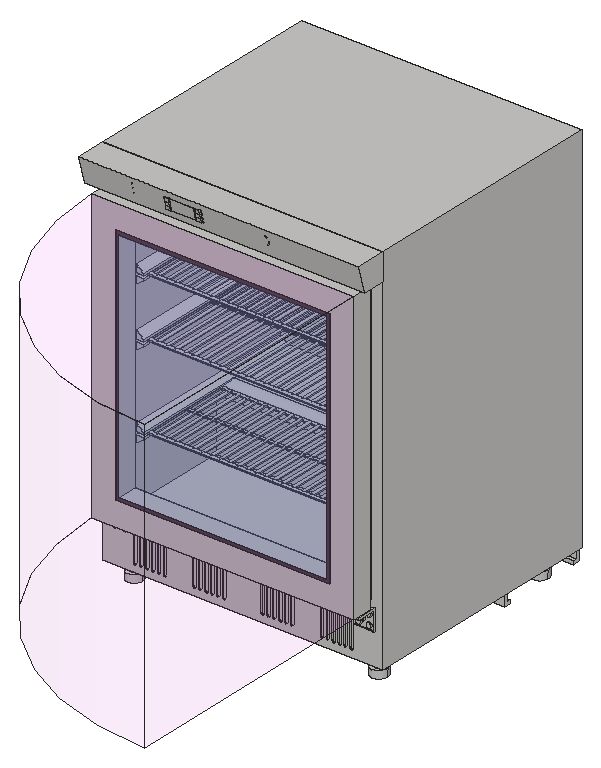
Revit family "QF_Kelvinator_738325_KCHUCGD23R_1-Glass_Door_ADA_Height_Under_Counter_Refrigerator_24_Long", category Specialty Equipment, Revit 2021
Family settings
  Round Connector Dimension = Use Diameter
  Part Type = Normal
  Work Plane-Based = No
  Always vertical = Yes
  Cut with Voids When Loaded = No
  Shared = No
  Room Calculation Point = No
Parameters
  Weight in Pounds = 105.822
  Watts = 200 W
  Volts = 120 V
  URL Cutsheet = ""
  Specification by User = ""
  Specification by Manufacturer = ""
  Serial Number = ""
  Seismic Rating = ""
  SMACNA No = ""
  Revision Code = ""
  Refrigerant Type = "R600a"
  Phase = 1
  Number of Poles = 1
  NAFEM Spec ID Number = ""
  Model = "738325 (KCHUCGD23R)"
  Min Ckt Ampacity = 0 A
  Max Overcurrent Protection = 0 A
  Masterspec = ""
  Manufacturer = "Kelvinator Commercial"
  Length = 23.622"
  Item Number = "738325"
  Installed By = ""
  Identify Quantity as Lot = yes
  Height = 33.03125"
  HP = "1/12"
  Furnished By = ""
  Foodservice Equipment Identifier = yes
  FL Amps = 2 A
  Electrical Remarks = ""
  Electric Connection Type = ""
  Elec Conn RI Height = 0.000"
  Elec Conn Connection Height = 0.000"
  Description = "1-Glass Door ADA Height Under Counter Refrigerator 24\" Long"
  Depth = 23.425"
  Default Elevation = 0.000"
  Cycle = 60 Hz
  Conn Plug = "5-15P"
  Conn Conduit = yes
  CSI MasterFormat = ""
  Apparent Power = 0 VA
Reference planes (in)
  plane 1 "BACK": y = 0
  plane 2: z = 0
  plane 3 "LEFT": x = 0
  plane 4 "RIGHT": x = 23.622
  plane 5 "FRONT": y = -23.425
  plane 6 "TOP": z = 33.03125
  plane 7 "Center Y": x = 11.811
  plane 8 "Center X": y = -11.7125
Dimensions and locks (in)
  equal spacing: plane 3 "LEFT", plane 7 "Center Y", plane 4 "RIGHT"
  "Length": plane 3 "LEFT" to plane 4 "RIGHT"
  equal spacing: plane 5 "FRONT", plane 8 "Center X", plane 1 "BACK"
  "Depth": plane 5 "FRONT" to plane 1 "BACK"
  "Height": plane 6 "TOP" to level
  aligned and locked: level to plane 2
Nested families (in)
  nested 1: "KCHRI25R1DRE" at (0, 0, 0), type "KCHRI25R1DRE"
    with Show Clearance yes
Connectors (in)
  electrical at (11.8125, 0.13, 2.5), driven by "Volts", driven by "Watts"
    settings: on nested 1, index 1, voltage 120 V, apparent load 200 VA, apparent load phase1 0 VA, apparent load phase2 0 VA, apparent load phase3 0 VA, power factor 1, load classification "Other", number of poles 1, system type 30, power factor state 1, is connector primary yes, connector utility no, sub classification motor no, connector description ""
Definition of nested family "KCHRI25R1DRE"
  Parameters (values of type "KCHRI25R1DRE")
    Weight in Pounds = 0
    URL Cutsheet = ""
    Specification by User = ""
    Specification by Manufacturer = ""
    Show Clearance [instance] = yes
    Serial Number = ""
    Seismic Rating = ""
    SMACNA No = ""
    Revision Code = ""
    NAFEM Spec ID Number = ""
    Masterspec = ""
    Length = 23.622"
    Item Number = ""
    Installed By = ""
    Identify Quantity as Lot = yes
    Height = 33.03125"
    Furnished By = ""
    Foodservice Equipment Identifier = yes
    Depth = 23.425"
    Default Elevation = 0.000"
    CSI MasterFormat = ""
  Reference planes (in)
    plane 1 "BACK": y = 0
    plane 2: z = 0
    plane 3 "LEFT": x = 0
    plane 4 "RIGHT": x = 23.622
    plane 5 "FRONT": y = -23.425
    plane 6 "TOP": z = 33.03125
    plane 7 "Center Y": x = 11.811
    plane 8 "Center X": y = -11.7125
    plane 9: y = -45.07
    plane 10: z = 30.79125
    plane 11: z = 2
    plane 12: y = -20.9
    plane 13: through (0, -24.0379, 35.3373) normal (0, 0.9659, 0.2588)
  Forms (in)
    Extrusion 1, solid
      sketch origin (0, 0, 0) x (0, 1, 0) y (0, 0, 1)
        loop
          line (-20.9, 33.03125) -> (-20.9, 1.5) -> (0, 1.5) -> (0, 33.03125) -> (-20.9, 33.03125)
      from 0 to 23.625
    Extrusion 2, solid
      sketch origin (0, -24.06217, 35.42785) x (0, -0.258819, 0.965926) y (1, 0, 0)
        loop
          line (-3.01321, 6.99599) -> (-3.01321, 10.1456) -> (-4.19431, 10.1456) -> (-4.19431, 6.99599) -> (-3.01321, 6.99599)
        loop
          line (-3.08986, 7.07473) -> (-3.08986, 7.46843) -> (-3.409, 7.46843) -> (-3.409, 7.07473) -> (-3.08986, 7.07473)
        loop
          line (-3.44419, 7.07473) -> (-3.44419, 7.46843) -> (-3.76333, 7.46843) -> (-3.76333, 7.07473) -> (-3.44419, 7.07473)
        loop
          line (-3.79852, 7.07473) -> (-3.79852, 7.46843) -> (-4.11766, 7.46843) -> (-4.11766, 7.07473) -> (-3.79852, 7.07473)
        loop
          line (-3.08986, 10.06686) -> (-3.409, 10.06686) -> (-3.409, 9.67316) -> (-3.08986, 9.67316) -> (-3.08986, 10.06686)
        loop
          line (-3.44419, 10.06686) -> (-3.76333, 10.06686) -> (-3.76333, 9.67316) -> (-3.44419, 9.67316) -> (-3.44419, 10.06686)
        loop
          line (-3.79852, 10.06686) -> (-4.11766, 10.06686) -> (-4.11766, 9.67316) -> (-3.79852, 9.67316) -> (-3.79852, 10.06686)
        loop
          line (-3.08986, 7.54592) -> (-3.08986, 9.59567) -> (-4.11377, 9.59567) -> (-4.11377, 7.54592) -> (-3.08986, 7.54592)
      from 0.07874 to -0.04602
    Extrusion 3, solid
      sketch origin (0, -24.06217, 35.42785) x (0, -0.258819, 0.965926) y (1, 0, 0)
        loop
          line (-3.08986, 9.67316) -> (-3.08986, 10.06686) -> (-3.409, 10.06686) -> (-3.409, 9.67316) -> (-3.08986, 9.67316)
        loop
          line (-3.44419, 9.67316) -> (-3.44419, 10.06686) -> (-3.76333, 10.06686) -> (-3.76333, 9.67316) -> (-3.44419, 9.67316)
        loop
          line (-3.79852, 9.67316) -> (-3.79852, 10.06686) -> (-4.11766, 10.06686) -> (-4.11766, 9.67316) -> (-3.79852, 9.67316)
        loop
          line (-3.08986, 7.46843) -> (-3.409, 7.46843) -> (-3.409, 7.07473) -> (-3.08986, 7.07473) -> (-3.08986, 7.46843)
        loop
          line (-3.44419, 7.46843) -> (-3.76333, 7.46843) -> (-3.76333, 7.07473) -> (-3.44419, 7.07473) -> (-3.44419, 7.46843)
        loop
          line (-3.79852, 7.46843) -> (-4.11766, 7.46843) -> (-4.11766, 7.07473) -> (-3.79852, 7.07473) -> (-3.79852, 7.46843)
      from 0 to -0.07874
    Extrusion 4, solid
      sketch origin (0, -24.06217, 35.42785) x (0, -0.258819, 0.965926) y (1, 0, 0)
        loop
          line (-3.08986, 7.54592) -> (-3.08986, 9.59567) -> (-4.11377, 9.59567) -> (-4.11377, 7.54592) -> (-3.08986, 7.54592)
      from 0 to -0.07874
    Extrusion 5, void
      sketch origin (0, -24.06217, 35.42785) x (0, 0.258819, -0.965926) y (1, 0, 0)
        loop
          line (3.01321, 6.99599) -> (4.19431, 6.99599) -> (4.19431, 10.1456) -> (3.01321, 10.1456) -> (3.01321, 6.99599)
      from 0 to 0.07874
    Extrusion 6, solid
      sketch origin (0, 0, -4.4425) x (0, 1, 0) y (0, 0, 1)
        loop
          line (-20.9, 37.47375) -> (-23.425, 37.47375) -> (-22.82479, 35.23375) -> (-20.9, 35.23375) -> (-20.9, 37.47375)
      from 0 to 23.625
    Extrusion 7, solid
      sketch origin (0, -24.06217, 35.42785) x (0, -0.258819, 0.965926) y (1, 0, 0)
        loop
          line (-2.96796, 3.80686) -> (-2.96796, 4.30686) -> (-4.21796, 4.30686) -> (-4.21796, 3.80686) -> (-2.96796, 3.80686)
        loop
          circle (-3.51997, 15.27975) r 0.5
      from 0 to 0.06
    Extrusion 8, void
      sketch origin (0, -20.9, 1.75) x (0, 0, -1) y (-1, 0, 0)
        loop
          line (-0.5, -2.59375) -> (-3.3125, -2.59375)
          arc (-3.3125, -2.59375) -> (-3.4751, -2.75635) -> (-3.3125, -2.91894) r 0.1626
          line (-3.3125, -2.91894) -> (-0.5, -2.91894)
          arc (-0.5, -2.91894) -> (-0.3374, -2.75635) -> (-0.5, -2.59375) r 0.1626
        loop
          line (-0.5, -3.09225) -> (-3.3125, -3.09225)
          arc (-3.3125, -3.09225) -> (-3.47585, -3.2556) -> (-3.3125, -3.41894) r 0.16335
          line (-3.3125, -3.41894) -> (-0.5, -3.41894)
          arc (-0.5, -3.41894) -> (-0.33665, -3.2556) -> (-0.5, -3.09225) r 0.16335
        loop
          line (-0.5, -3.59225) -> (-3.3125, -3.59225)
          arc (-3.3125, -3.59225) -> (-3.47585, -3.7556) -> (-3.3125, -3.91894) r 0.16335
          line (-3.3125, -3.91894) -> (-0.5, -3.91894)
          arc (-0.5, -3.91894) -> (-0.33665, -3.7556) -> (-0.5, -3.59225) r 0.16335
        loop
          line (-0.5, -4.09225) -> (-3.3125, -4.09225)
          arc (-3.3125, -4.09225) -> (-3.47585, -4.2556) -> (-3.3125, -4.41894) r 0.16335
          line (-3.3125, -4.41894) -> (-0.5, -4.41894)
          arc (-0.5, -4.41894) -> (-0.33665, -4.2556) -> (-0.5, -4.09225) r 0.16335
        loop
          line (-0.5, -4.59225) -> (-3.3125, -4.59225)
          arc (-3.3125, -4.59225) -> (-3.47585, -4.7556) -> (-3.3125, -4.91894) r 0.16335
          line (-3.3125, -4.91894) -> (-0.5, -4.91894)
          arc (-0.5, -4.91894) -> (-0.33665, -4.7556) -> (-0.5, -4.59225) r 0.16335
        loop
          line (-0.5, -5.09225) -> (-3.3125, -5.09225)
          arc (-3.3125, -5.09225) -> (-3.47585, -5.2556) -> (-3.3125, -5.41894) r 0.16335
          line (-3.3125, -5.41894) -> (-0.5, -5.41894)
          arc (-0.5, -5.41894) -> (-0.33665, -5.2556) -> (-0.5, -5.09225) r 0.16335
        loop
          line (-0.5, -7.59225) -> (-3.3125, -7.59225)
          arc (-3.3125, -7.59225) -> (-3.47585, -7.7556) -> (-3.3125, -7.91894) r 0.16335
          line (-3.3125, -7.91894) -> (-0.5, -7.91894)
          arc (-0.5, -7.91894) -> (-0.33665, -7.7556) -> (-0.5, -7.59225) r 0.16335
        loop
          line (-0.5, -8.09225) -> (-3.3125, -8.09225)
          arc (-3.3125, -8.09225) -> (-3.47585, -8.2556) -> (-3.3125, -8.41894) r 0.16335
          line (-3.3125, -8.41894) -> (-0.5, -8.41894)
          arc (-0.5, -8.41894) -> (-0.33665, -8.2556) -> (-0.5, -8.09225) r 0.16335
        loop
          line (-0.5, -8.59225) -> (-3.3125, -8.59225)
          arc (-3.3125, -8.59225) -> (-3.47585, -8.7556) -> (-3.3125, -8.91894) r 0.16335
          line (-3.3125, -8.91894) -> (-0.5, -8.91894)
          arc (-0.5, -8.91894) -> (-0.33665, -8.7556) -> (-0.5, -8.59225) r 0.16335
        loop
          line (-0.5, -9.09225) -> (-3.3125, -9.09225)
          arc (-3.3125, -9.09225) -> (-3.47585, -9.2556) -> (-3.3125, -9.41894) r 0.16335
          line (-3.3125, -9.41894) -> (-0.5, -9.41894)
          arc (-0.5, -9.41894) -> (-0.33665, -9.2556) -> (-0.5, -9.09225) r 0.16335
        loop
          line (-0.5, -9.59225) -> (-3.3125, -9.59225)
          arc (-3.3125, -9.59225) -> (-3.47585, -9.7556) -> (-3.3125, -9.91894) r 0.16335
          line (-3.3125, -9.91894) -> (-0.5, -9.91894)
          arc (-0.5, -9.91894) -> (-0.33665, -9.7556) -> (-0.5, -9.59225) r 0.16335
        loop
          line (-0.5, -10.09225) -> (-3.3125, -10.09225)
          arc (-3.3125, -10.09225) -> (-3.47585, -10.2556) -> (-3.3125, -10.41894) r 0.16335
          line (-3.3125, -10.41894) -> (-0.5, -10.41894)
          arc (-0.5, -10.41894) -> (-0.33665, -10.2556) -> (-0.5, -10.09225) r 0.16335
        loop
          arc (-0.5, -21.15475) -> (-0.33665, -20.9914) -> (-0.5, -20.82806) r 0.16335
          line (-0.5, -20.82806) -> (-3.3125, -20.82806)
          arc (-3.3125, -20.82806) -> (-3.47585, -20.9914) -> (-3.3125, -21.15475) r 0.16335
          line (-3.3125, -21.15475) -> (-0.5, -21.15475)
        loop
          arc (-0.5, -20.65475) -> (-0.33665, -20.4914) -> (-0.5, -20.32806) r 0.16335
          line (-0.5, -20.32806) -> (-3.3125, -20.32806)
          arc (-3.3125, -20.32806) -> (-3.47585, -20.4914) -> (-3.3125, -20.65475) r 0.16335
          line (-3.3125, -20.65475) -> (-0.5, -20.65475)
        loop
          arc (-0.5, -20.15475) -> (-0.33665, -19.9914) -> (-0.5, -19.82806) r 0.16335
          line (-0.5, -19.82806) -> (-3.3125, -19.82806)
          arc (-3.3125, -19.82806) -> (-3.47585, -19.9914) -> (-3.3125, -20.15475) r 0.16335
          line (-3.3125, -20.15475) -> (-0.5, -20.15475)
        loop
          arc (-0.5, -19.65475) -> (-0.33665, -19.4914) -> (-0.5, -19.32806) r 0.16335
          line (-0.5, -19.32806) -> (-3.3125, -19.32806)
          arc (-3.3125, -19.32806) -> (-3.47585, -19.4914) -> (-3.3125, -19.65475) r 0.16335
          line (-3.3125, -19.65475) -> (-0.5, -19.65475)
        loop
          arc (-0.5, -19.15475) -> (-0.33665, -18.9914) -> (-0.5, -18.82806) r 0.16335
          line (-0.5, -18.82806) -> (-3.3125, -18.82806)
          arc (-3.3125, -18.82806) -> (-3.47585, -18.9914) -> (-3.3125, -19.15475) r 0.16335
          line (-3.3125, -19.15475) -> (-0.5, -19.15475)
        loop
          arc (-0.5, -18.65475) -> (-0.33665, -18.4914) -> (-0.5, -18.32806) r 0.16335
          line (-0.5, -18.32806) -> (-3.3125, -18.32806)
          arc (-3.3125, -18.32806) -> (-3.47585, -18.4914) -> (-3.3125, -18.65475) r 0.16335
          line (-3.3125, -18.65475) -> (-0.5, -18.65475)
        loop
          arc (-0.5, -16.15475) -> (-0.33665, -15.9914) -> (-0.5, -15.82806) r 0.16335
          line (-0.5, -15.82806) -> (-3.3125, -15.82806)
          arc (-3.3125, -15.82806) -> (-3.47585, -15.9914) -> (-3.3125, -16.15475) r 0.16335
          line (-3.3125, -16.15475) -> (-0.5, -16.15475)
        loop
          arc (-0.5, -15.65475) -> (-0.33665, -15.4914) -> (-0.5, -15.32806) r 0.16335
          line (-0.5, -15.32806) -> (-3.3125, -15.32806)
          arc (-3.3125, -15.32806) -> (-3.47585, -15.4914) -> (-3.3125, -15.65475) r 0.16335
          line (-3.3125, -15.65475) -> (-0.5, -15.65475)
        loop
          arc (-0.5, -15.15475) -> (-0.33665, -14.9914) -> (-0.5, -14.82806) r 0.16335
          line (-0.5, -14.82806) -> (-3.3125, -14.82806)
          arc (-3.3125, -14.82806) -> (-3.47585, -14.9914) -> (-3.3125, -15.15475) r 0.16335
          line (-3.3125, -15.15475) -> (-0.5, -15.15475)
        loop
          arc (-0.5, -14.65475) -> (-0.33665, -14.4914) -> (-0.5, -14.32806) r 0.16335
          line (-0.5, -14.32806) -> (-3.3125, -14.32806)
          arc (-3.3125, -14.32806) -> (-3.47585, -14.4914) -> (-3.3125, -14.65475) r 0.16335
          line (-3.3125, -14.65475) -> (-0.5, -14.65475)
        loop
          arc (-0.5, -14.15475) -> (-0.33665, -13.9914) -> (-0.5, -13.82806) r 0.16335
          line (-0.5, -13.82806) -> (-3.3125, -13.82806)
          arc (-3.3125, -13.82806) -> (-3.47585, -13.9914) -> (-3.3125, -14.15475) r 0.16335
          line (-3.3125, -14.15475) -> (-0.5, -14.15475)
        loop
          arc (-0.5, -13.65475) -> (-0.33665, -13.4914) -> (-0.5, -13.32806) r 0.16335
          line (-0.5, -13.32806) -> (-3.3125, -13.32806)
          arc (-3.3125, -13.32806) -> (-3.47585, -13.4914) -> (-3.3125, -13.65475) r 0.16335
          line (-3.3125, -13.65475) -> (-0.5, -13.65475)
      from 0 to 0.03
    Extrusion 9, solid
      sketch origin (0, 0, 0) x (0, 1, 0) y (0, 0, 1)
        loop
          line (-0.25, 1.5) -> (-0.55, 1.5) -> (-0.55, 0.9) -> (-0.85, 0.9) -> (-0.85, 0.6) -> (-0.25, 0.6) -> (-0.25, 1.5)
        loop
          line (-8.14417, 1.5) -> (-8.14417, 0.6) -> (-7.54417, 0.6) -> (-7.54417, 0.9) -> (-7.84417, 0.9) -> (-7.84417, 1.5) -> (-8.14417, 1.5)
      from 0 to 23.622
    Extrusion 10, solid
      sketch origin (11.811, 6.90541, 48.75) x (0, 1, 0) y (0, 0, 1)
        loop
          line (-28.19541, -18.96875) -> (-28.19541, -42.37723) -> (-27.80541, -42.37723) -> (-27.80541, -18.96875) -> (-28.19541, -18.96875)
      from -10.75 to 10.75
    Extrusion 11, solid
      sketch origin (23.225, -180, 5.74631) x (0, 0, 1) y (0, -1, 0)
        loop
          arc (0.13369, -157.44253) -> (0.06869, -157.37753) -> (0.00369, -157.44253) r 0.065
          line (0.00369, -157.44253) -> (0.00369, -158.97) -> (-1.53049, -158.97)
          arc (-1.53049, -158.97) -> (-1.59549, -159.035) -> (-1.53049, -159.1) r 0.065
          line (-1.53049, -159.1) -> (0.13369, -159.1) -> (0.13369, -157.44253)
      from -0.28875 to -1.93696
    Extrusion 12, solid
      sketch origin (23.225, -21.03, 5.88) x (0, 0, -1) y (1, 0, 0)
        loop
          circle (0.48805, -0.65854) r 0.19641
        loop
          circle (0.48805, -1.51195) r 0.2
        loop
          circle (1.33739, -0.65854) r 0.2
        loop
          circle (1.33739, -1.51195) r 0.2
        loop
          line (1.13, -1.16094) -> (1.13, -1.06477) -> (0.13, -1.06477) -> (0.13, -1.16094) -> (1.13, -1.16094)
      from 0 to 0.0825
    Extrusion 13, solid
      sketch origin (0, -20.9, 2.25) x (0, 0, 1) y (-1, 0, 0)
        loop
          circle (3.14195, -1.05854) r 0.19641
        loop
          circle (3.14195, -1.91195) r 0.2
        loop
          circle (2.29261, -1.05854) r 0.2
        loop
          circle (2.29261, -1.91195) r 0.2
      from 0 to 0.0825
    Revolve 14, solid
      sketch origin (0, -19.42, 1.5) x (0, 0, 1) y (1, 0, 0)
        loop
          line (0, 22.122) -> (0, 22.4345) -> (-0.9, 22.4345) -> (-0.9, 22.8095) -> (-1.5, 22.8095) -> (-1.5, 22.122) -> (0, 22.122)
        axis (-1.5, 22.122) -> (0, 22.122)
      angle from 0 to 360
    Revolve 15, solid
      sketch origin (23.625, -19.42, 1.5) x (0, 0, 1) y (1, 0, 0)
        loop
          line (0, -22.125) -> (-1.5, -22.125) -> (-1.5, -22.8125) -> (-0.9, -22.8125) -> (-0.9, -22.4375) -> (0, -22.4375) -> (0, -22.125)
        axis (-1.5, -22.125) -> (0, -22.125)
      angle from 0 to 360
    Revolve 16, solid
      sketch origin (0, -2.5, 1.5) x (0, 0, 1) y (-1, 0, 0)
        loop
          line (0, -22.122) -> (-1.5, -22.122) -> (-1.5, -22.8095) -> (-0.9, -22.8095) -> (-0.9, -22.4345) -> (0, -22.4345) -> (0, -22.122)
        axis (-1.5, -22.122) -> (0, -22.122)
      angle from 0 to 360
    Revolve 17, solid
      sketch origin (23.625, -2.5, 1.5) x (0, 0, 1) y (-1, 0, 0)
        loop
          line (0, 22.125) -> (0, 22.4375) -> (-0.9, 22.4375) -> (-0.9, 22.8125) -> (-1.5, 22.8125) -> (-1.5, 22.125) -> (0, 22.125)
        axis (-1.5, 22.125) -> (0, 22.125)
      angle from 0 to 360
    Extrusion 18, void
      sketch origin (11.8125, -14.38459, 53.88) x (0, 1, 0) y (0, 0, 1)
        loop
          line (-6.90541, -23.08875) -> (-6.90541, -47.71375) -> (2.67209, -47.71375) -> (2.67209, -43.12311)
          arc (2.67209, -43.12311) -> (2.96499, -42.416) -> (3.67209, -42.12311) r 1
          line (3.67209, -42.12311) -> (9.42209, -42.12311) -> (9.42209, -23.08875) -> (-6.90541, -23.08875)
      from -9.66 to 9.66
    Extrusion 19, solid
      sketch origin (2.1525, -14.38459, 53.88) x (0, 1, 0) y (0, 0, 1)
        loop
          line (-6.51541, -23.08875) -> (-6.51541, -24.33875) -> (-6.26541, -24.33875) -> (-6.26541, -23.08875) -> (-6.51541, -23.08875)
        loop
          line (-6.51541, -47.71375) -> (-6.26541, -47.71375) -> (-6.26541, -46.46375) -> (-6.51541, -46.46375) -> (-6.51541, -47.71375)
      from 0 to 19.32
    Extrusion 20, solid
      sketch origin (11.8125, -4.9625, 30.79125) x (0, 0, -1) y (1, 0, 0)
        loop
          line (7.41428, -8.95343) -> (7.41428, -9.66) -> (8.02056, -9.66) -> (7.54397, -8.95343) -> (7.41428, -8.95343)
        loop
          line (7.1582, -8.95343) -> (7.02851, -8.95343) -> (6.55192, -9.66) -> (7.1582, -9.66) -> (7.1582, -8.95343)
        loop
          line (12.41428, -8.95343) -> (12.41428, -9.66) -> (13.02056, -9.66) -> (12.54397, -8.95343) -> (12.41428, -8.95343)
        loop
          line (12.1582, -8.95343) -> (12.02851, -8.95343) -> (11.55192, -9.66) -> (12.1582, -9.66) -> (12.1582, -8.95343)
        loop
          line (19.41428, -8.95343) -> (19.41428, -9.66) -> (20.02056, -9.66) -> (19.54397, -8.95343) -> (19.41428, -8.95343)
        loop
          line (19.1582, -8.95343) -> (19.02851, -8.95343) -> (18.55192, -9.66) -> (19.1582, -9.66) -> (19.1582, -8.95343)
        loop
          line (7.41428, 8.95343) -> (7.54397, 8.95343) -> (8.02056, 9.66) -> (7.41428, 9.66) -> (7.41428, 8.95343)
        loop
          line (7.1582, 8.95343) -> (7.1582, 9.66) -> (6.55192, 9.66) -> (7.02851, 8.95343) -> (7.1582, 8.95343)
        loop
          line (12.41428, 8.95343) -> (12.54397, 8.95343) -> (13.02056, 9.66) -> (12.41428, 9.66) -> (12.41428, 8.95343)
        loop
          line (12.1582, 8.95343) -> (12.1582, 9.66) -> (11.55192, 9.66) -> (12.02851, 8.95343) -> (12.1582, 8.95343)
        loop
          line (19.41428, 8.95343) -> (19.54397, 8.95343) -> (20.02056, 9.66) -> (19.41428, 9.66) -> (19.41428, 8.95343)
        loop
          line (19.1582, 8.95343) -> (19.1582, 9.66) -> (18.55192, 9.66) -> (19.02851, 8.95343) -> (19.1582, 8.95343)
      from 0 to 15.20871
    Extrusion 21, solid
      sketch origin (0, 0, 33.03125) x (0, 0, -1) y (-1, 0, 0)
        loop
          circle (30.53125, -11.8125) r 0.25
      from 0 to 0.13
  Cuts and joins
    Extrusion 5 cuts Extrusion 2
    Extrusion 8 cuts Extrusion 6
    Extrusion 8, Extrusion 18 cuts Extrusion 1
    joined: Extrusion 1, Extrusion 19, Extrusion 20
    Extrusion 18 cuts Extrusion 10
  Lines and regions (in)
    symbolic lines
      curve 1: line (0, -23.425, 0) -> (0, 0, 0)
      curve 2: line (23.622, 0, 0) -> (0, 0, 0)
      curve 3: line (23.622, -23.425, 0) -> (23.622, 0, 0)
      curve 4: line (23.622, -20.9, 0) -> (0, -20.9, 0)
      curve 5: line (0, -23.425, 0) -> (23.622, -23.425, 0)
      curve 6: line (3.80686, -23.485, 0) -> (4.30686, -23.485, 0)
      curve 7: line (4.30686, -23.485, 0) -> (4.30686, -23.425, 0)
      curve 8: line (3.80686, -23.485, 0) -> (3.80686, -23.425, 0)
      curve 9: line (6.65374, -23.47102, 0) -> (9.80185, -23.47102, 0)
      curve 10: line (9.80185, -23.47102, 0) -> (9.80185, -23.425, 0)
      curve 11: line (6.65374, -23.47102, 0) -> (6.65374, -23.425, 0)
      curve 12: line (11.311, -23.485, 0) -> (12.311, -23.485, 0)
      curve 13: line (12.311, -23.485, 0) -> (12.311, -23.425, 0)
      curve 14: line (11.311, -23.485, 0) -> (11.311, -23.425, 0)
  Dimensions and locks (in)
    equal spacing: plane 3 "LEFT", plane 7 "Center Y", plane 4 "RIGHT"
    "Length": plane 3 "LEFT" to plane 4 "RIGHT"
    equal spacing: plane 5 "FRONT", plane 8 "Center X", plane 1 "BACK"
    "Depth": plane 5 "FRONT" to plane 1 "BACK"
    "Height": plane 6 "TOP" to level
    plane 9 to plane 1 "BACK" = 45.070"
    plane 6 "TOP" to level = 33.03125"
    plane 3 "LEFT" to plane 4 "RIGHT" = 23.622"
    plane 5 "FRONT" to plane 1 "BACK" = 23.425"
    plane 12 to plane 1 "BACK" = 20.900"
    aligned and locked: level to plane 2
    aligned and locked: Extrusion 9 to plane 4 "RIGHT"
    aligned and locked: plane 13 to cut or joined group of Extrusion 6, Extrusion 8
  Automatic sketch dimensions
    Extrusion 1 sketch curve to plane 12 = 0.000"
    Extrusion 1 sketch curve to plane 1 "BACK" = 0.000"
    Extrusion 1 sketch curve to plane 6 "TOP" = 0.000"
    level to Extrusion 1 sketch curve = 1.500"
    Extrusion 2 sketch curve to plane 7 "Center Y" = 4.81501"
    Extrusion 2 sketch curve to Extrusion 2 sketch curve = 0.07665"  (x3)
    Extrusion 2 sketch curve to Extrusion 2 sketch curve = 0.00389"
    Extrusion 2 sketch curve to Extrusion 2 sketch curve = 0.31914"  (x6)
    Extrusion 2 sketch curve to Extrusion 2 sketch curve = 0.03519"  (x4)
    Extrusion 2 sketch curve to Extrusion 2 sketch curve = 0.000"  (x7)
    Extrusion 2 sketch curve to Extrusion 2 sketch curve = 0.07874"  (x3)
    Extrusion 2 sketch curve to Extrusion 2 sketch curve = 0.3937"  (x2)
    Extrusion 2 sketch curve to Extrusion 2 sketch curve = 0.07748"  (x3)
    Extrusion 2 sketch curve to Extrusion 2 sketch curve = 2.04976"
    Extrusion 3 sketch curve to plane 7 "Center Y" = 4.73627"
    Extrusion 3 sketch curve to Extrusion 3 sketch curve = 0.000"  (x9)
    Extrusion 3 sketch curve to Extrusion 3 sketch curve = 0.31914"  (x6)
    Extrusion 3 sketch curve to Extrusion 3 sketch curve = 0.03519"  (x4)
    Extrusion 3 sketch curve to Extrusion 3 sketch curve = 0.3937"  (x2)
    Extrusion 3 sketch curve to plane 7 "Center Y" = 2.13784"
    Extrusion 4 sketch curve to plane 7 "Center Y" = 4.26508"
    Extrusion 4 sketch curve to Extrusion 4 sketch curve = 1.02391"
    Extrusion 4 sketch curve to Extrusion 4 sketch curve = 2.04976"
    Extrusion 5 sketch curve to plane 7 "Center Y" = 1.6654"
    Extrusion 5 sketch curve to Extrusion 5 sketch curve = 1.1811"
    Extrusion 5 sketch curve to Extrusion 5 sketch curve = 3.14961"
    plane 3 "LEFT" to Extrusion 7 sketch curve = 4.30686"
    plane 7 "Center Y" to Extrusion 7 sketch curve = 3.46875"
    Extrusion 7 sketch curve to Extrusion 7 sketch curve = 0.69799"
    Extrusion 7 sketch curve to Extrusion 7 sketch curve = 1.250"
    Extrusion 7 sketch curve to Extrusion 7 sketch curve = 0.500"
    plane 3 "LEFT" to Extrusion 8 sketch curve = 2.59375"
    level to Extrusion 8 sketch curve = 5.0625"  (x2)
    plane 7 "Center Y" to Extrusion 8 sketch curve = 1.6804"
    Extrusion 8 sketch curve to Extrusion 8 sketch curve = 0.000"  (x42)
    Extrusion 8 sketch curve to Extrusion 8 sketch curve = 2.8125"  (x4)
    Extrusion 8 sketch curve to Extrusion 8 sketch curve = 0.16335"  (x23)
    Extrusion 8 sketch curve to Extrusion 8 sketch curve = 0.17331"  (x20)
    Extrusion 8 sketch curve to Extrusion 8 sketch curve = 2.17331"  (x2)
    Extrusion 8 sketch curve to plane 7 "Center Y" = 1.39206"
    level to Extrusion 9 sketch curve = 1.500"  (x2)
    plane 8 "Center X" to Extrusion 9 sketch curve = 3.56833"
    Extrusion 9 sketch curve to Extrusion 9 sketch curve = 0.300"  (x5)
    plane 1 "BACK" to Extrusion 9 sketch curve = 0.850"
    plane 1 "BACK" to Extrusion 9 sketch curve = 0.250"
    Extrusion 9 sketch curve to Extrusion 9 sketch curve = 0.600"  (x2)
    Extrusion 10 sketch curve to plane 12 = 0.000"
    Extrusion 10 sketch curve to Extrusion 10 sketch curve = 0.390"
    level to Extrusion 10 sketch curve = 6.37277"
    Extrusion 10 sketch curve to plane 6 "TOP" = 3.250"
    Extrusion 11 sketch curve to plane 12 = 0.000"
    Extrusion 11 sketch curve to plane 12 = 0.130"
    level to Extrusion 11 sketch curve = 4.21581"
    Extrusion 11 sketch curve to Extrusion 11 sketch curve = 1.53419"
    Extrusion 11 sketch curve to Extrusion 11 sketch curve = 0.065"
    Extrusion 11 sketch curve to plane 5 "FRONT" = 0.86753"
    Extrusion 12 sketch curve to Extrusion 11 = 0.000"
    Extrusion 11 to Extrusion 12 sketch curve = 0.35805"  (x2)
    Extrusion 12 sketch curve to Extrusion 11 = 0.53419"
    Extrusion 12 sketch curve to Extrusion 11 = 0.3268"  (x2)
    Extrusion 11 to Extrusion 12 sketch curve = 0.42502"  (x2)
    Extrusion 12 sketch curve to Extrusion 12 sketch curve = 0.351"
    Extrusion 12 sketch curve to Extrusion 12 sketch curve = 0.09617"
    Extrusion 11 to Extrusion 12 sketch curve = 0.36979"  (x2)
    Extrusion 1 to Extrusion 13 sketch curve = 1.05854"
    Extrusion 13 sketch curve to Extrusion 1 = 3.04261"
    Extrusion 13 sketch curve to Extrusion 13 sketch curve = 0.000"  (x3)
    Extrusion 13 sketch curve to Extrusion 13 sketch curve = 0.84934"  (x2)
    Extrusion 13 sketch curve to Extrusion 13 sketch curve = 0.8534"
    Revolve 14 sketch curve to level = 0.000"  (x2)
    level to Revolve 14 sketch curve = 0.600"
    Revolve 14 sketch curve to Revolve 14 sketch curve = 0.900"
    plane 4 "RIGHT" to Revolve 14 sketch curve = 1.500"
    Revolve 14 sketch curve to Revolve 14 sketch curve = 0.3125"
    Revolve 14 sketch curve to Revolve 14 sketch curve = 0.6875"
    Revolve 14 sketch curve to Revolve 14 sketch curve = 0.36907"
    Revolve 14 sketch curve to Revolve 14 sketch curve = 0.000"
    Revolve 15 sketch curve to level = 0.000"  (x2)
    level to Revolve 15 sketch curve = 0.600"
    Revolve 15 sketch curve to Revolve 15 sketch curve = 0.900"
    plane 3 "LEFT" to Revolve 15 sketch curve = 0.8125"
    Revolve 15 sketch curve to Revolve 15 sketch curve = 0.375"
    Revolve 15 sketch curve to Revolve 15 sketch curve = 0.3125"
    Revolve 15 sketch curve to Revolve 15 sketch curve = 0.36907"
    Revolve 15 sketch curve to Revolve 15 sketch curve = 0.000"
    Revolve 16 sketch curve to level = 0.000"  (x2)
    level to Revolve 16 sketch curve = 0.600"
    Revolve 16 sketch curve to Revolve 16 sketch curve = 0.900"
    plane 4 "RIGHT" to Revolve 16 sketch curve = 0.8125"
    Revolve 16 sketch curve to Revolve 16 sketch curve = 0.375"
    Revolve 16 sketch curve to Revolve 16 sketch curve = 0.3125"
    Revolve 16 sketch curve to Revolve 16 sketch curve = 0.36907"
    Revolve 16 sketch curve to Revolve 16 sketch curve = 0.000"
    Revolve 17 sketch curve to level = 0.000"  (x2)
    level to Revolve 17 sketch curve = 0.600"
    Revolve 17 sketch curve to Revolve 17 sketch curve = 0.900"
    plane 3 "LEFT" to Revolve 17 sketch curve = 1.500"
    Revolve 17 sketch curve to Revolve 17 sketch curve = 0.3125"
    Revolve 17 sketch curve to Revolve 17 sketch curve = 0.6875"
    Revolve 17 sketch curve to Revolve 17 sketch curve = 0.36907"
    Revolve 17 sketch curve to Revolve 17 sketch curve = 0.000"
    plane 1 "BACK" to curve 1 = 0.000"
    curve 1 to plane 3 "LEFT" = 0.000"
    plane 5 "FRONT" to curve 8 = 0.000"
    curve 3 to plane 4 "RIGHT" = 0.000"
    curve 4 to plane 12 = 0.000"
    plane 5 "FRONT" to curve 6 = 0.060"
    plane 3 "LEFT" to curve 6 = 3.80686"
    curve 6 to curve 7 = 0.500"
    plane 5 "FRONT" to curve 9 = 0.04602"
    curve 6 to curve 9 = 2.34688"
    curve 10 to plane 7 "Center Y" = 2.00915"
    plane 5 "FRONT" to curve 14 = 0.060"
    curve 14 to plane 7 "Center Y" = 0.500"
    plane 7 "Center Y" to curve 13 = 0.500"
    Extrusion 6 sketch curve to plane 5 "FRONT" = 0.000"
    Extrusion 6 sketch curve to plane 10 = 0.000"
    Extrusion 6 sketch curve to plane 6 "TOP" = 0.000"
    Extrusion 6 sketch curve to plane 12 = 0.000"
    Extrusion 6 sketch curve to plane 5 "FRONT" = 0.60021"
    Extrusion 18 sketch curve to plane 10 = 0.000"
    Extrusion 18 sketch curve to plane 12 = 0.390"
    Extrusion 18 sketch curve to plane 8 "Center X" = 0.000"
    Extrusion 18 sketch curve to Extrusion 18 sketch curve = 1.000"
    plane 1 "BACK" to Extrusion 18 sketch curve = 4.9625"
    level to Extrusion 18 sketch curve = 11.75689"
    level to Extrusion 18 sketch curve = 6.16625"
    Extrusion 19 sketch curve to Extrusion 18 = 0.000"
    Extrusion 18 to Extrusion 19 sketch curve = 0.000"
    Extrusion 19 sketch curve to Extrusion 18 = 0.390"  (x2)
    Extrusion 19 sketch curve to Extrusion 19 sketch curve = 0.250"  (x2)
    Extrusion 19 sketch curve to Extrusion 19 sketch curve = 1.250"  (x2)
    Extrusion 20 sketch curve to Extrusion 18 = 0.000"  (x5)
    Extrusion 18 to Extrusion 20 sketch curve = 0.000"  (x7)
    Extrusion 18 to Extrusion 20 sketch curve = 6.55192"  (x2)
    Extrusion 20 sketch curve to Extrusion 20 sketch curve = 0.47659"  (x4)
    Extrusion 18 to Extrusion 20 sketch curve = 0.70657"  (x8)
    Extrusion 20 sketch curve to Extrusion 20 sketch curve = 0.60628"  (x8)
    Extrusion 20 sketch curve to Extrusion 20 sketch curve = 0.12969"  (x8)
    Extrusion 20 sketch curve to Extrusion 20 sketch curve = 0.25608"  (x6)
    Extrusion 20 sketch curve to Extrusion 20 sketch curve = 3.53137"  (x2)
    Extrusion 18 to Extrusion 20 sketch curve = 0.48243"  (x2)
    Extrusion 18 to Extrusion 20 sketch curve = 0.00585"  (x2)
    Extrusion 20 sketch curve to Extrusion 18 = 0.12385"  (x2)
    Extrusion 20 sketch curve to Extrusion 20 sketch curve = 0.000"  (x4)
    Extrusion 1 to Extrusion 21 sketch curve = 1.000"
    Extrusion 1 to Extrusion 21 sketch curve = 11.8125"
    radius of Extrusion 7 sketch curve = 0.500"
    radius of Extrusion 12 sketch curve = 0.19641"
    radius of Extrusion 12 sketch curve = 0.200"  (x3)
    radius of Extrusion 13 sketch curve = 0.19641"
    radius of Extrusion 13 sketch curve = 0.200"  (x3)
    radius of Extrusion 21 sketch curve = 0.250"
  Nested families (in)
    nested 1: "Family4" at (0.7825, -21.29, 5.88), Show Clearance <- "Show Clearance", type "Family4"
    nested 2: "Family2" at (2.15625, -5.8, 7.5), type "Family2"
  Definition of nested family "Family4"
    Parameters (values of type "Family4")
      Weight in Pounds = 0
      URL Cutsheet = ""
      Specification by User = ""
      Specification by Manufacturer = ""
      Show Clearance [instance] = yes
      Serial Number = ""
      Seismic Rating = ""
      SMACNA No = ""
      Revision Code = ""
      NAFEM Spec ID Number = ""
      Masterspec = ""
      Length = 22.060"
      Item Number = ""
      Installed By = ""
      Identify Quantity as Lot = yes
      Height = 24.39844"
      Furnished By = ""
      Foodservice Equipment Identifier = yes
      Depth = 1.720"
      Default Elevation = 0.000"
      CSI MasterFormat = ""
    Reference planes (in)
      plane 1 "BACK": y = 0
      plane 2: z = 0
      plane 3 "LEFT": x = 0
      plane 4 "RIGHT": x = 22.06
      plane 5 "FRONT": y = -1.72
      plane 6 "TOP": z = 24.39844
      plane 7 "Center Y": x = 11.03
      plane 8 "Center X": y = -0.86
      plane 9: y = -2.13
    Forms (in)
      Extrusion 1, solid
        sketch origin (0, 0, 0) x (1, 0, 0) y (0, 0, 1)
          loop
            line (0, 24.39844) -> (0, 0) -> (22.06, 0) -> (22.06, 24.39844) -> (0, 24.39844)
          loop
            line (2, 22.39844) -> (2, 2) -> (20.06, 2) -> (20.06, 22.39844) -> (2, 22.39844)
        from 0 to 1.72
      Extrusion 2, solid
        sketch origin (0, 0, 0) x (1, 0, 0) y (0, 0, 1)
          loop
            line (2, 22.39844) -> (2, 2) -> (20.06, 2) -> (20.06, 22.39844) -> (2, 22.39844)
          loop
            line (2.25, 22.14844) -> (2.25, 2.25) -> (19.81, 2.25) -> (19.81, 22.14844) -> (2.25, 22.14844)
        from 0 to 1.72
      Extrusion 3, solid
        sketch origin (0, 0, 0) x (1, 0, 0) y (0, 0, 1)
          loop
            line (2.25, 22.14844) -> (2.25, 2.25) -> (19.81, 2.25) -> (19.81, 22.14844) -> (2.25, 22.14844)
        from 0 to 1.72
      Extrusion 4, solid, visible <- "Show Clearance"
        sketch origin (0, 0, 0) x (1, 0, 0) y (0, 1, 0)
          loop
            arc (0, -1.72) -> (6.46122, -17.31878) -> (22.06, -23.78) r 22.06
            line (22.06, -23.78) -> (22.06, -1.72) -> (0, -1.72)
        from 0 to 24.39844
      Extrusion 5, void
        sketch origin (-38.39759, -180, 24.39844) x (0, -1, 0) y (-1, 0, 0)
          loop
            line (-179.54238, -38.39759) -> (-179.868, -38.72322) -> (-179.61281, -38.97841) -> (-179.14, -38.97841) -> (-178.66719, -38.97841) -> (-178.412, -38.72322) -> (-178.73762, -38.39759) -> (-179.54238, -38.39759)
        from 1.1919 to 8.33936
      Extrusion 6, solid
        sketch origin (0, 0, 0) x (0, 1, 0) y (0, 0, 1)
          loop
            line (-1.33281, 22.73373) -> (-1.33281, 16.53188) -> (-0.86, 16.05907) -> (-0.38719, 16.53188) -> (-0.38719, 22.73373) -> (-0.86, 23.20654) -> (-1.33281, 22.73373)
          loop
            line (-1.588, 23.20654) -> (-1.588, 16.05907) -> (-0.86, 15.70552) -> (-0.132, 16.05907) -> (-0.132, 23.20654) -> (-0.86, 23.56009) -> (-1.588, 23.20654)
        from -0.11833 to 0.58082
    Cuts and joins
      Extrusion 5 cuts Extrusion 1
      Extrusion 5 cuts Extrusion 6
      joined: Extrusion 1, Extrusion 6
    Lines and regions (in)
      symbolic lines, visible <- "Show Clearance"
        curve 1: arc (0.00381, -2.13, 0) -> (0.80704, -7.63229, 0) -> (2.96064, -12.75893, 0) r 22.06
        curve 2: line (21.37048, -2.13, 0) -> (2.96064, -12.75893, 0)
    Dimensions and locks (in)
      equal spacing: plane 3 "LEFT", plane 7 "Center Y", plane 4 "RIGHT"
      "Length": plane 3 "LEFT" to plane 4 "RIGHT"
      equal spacing: plane 5 "FRONT", plane 8 "Center X", plane 1 "BACK"
      "Depth": plane 5 "FRONT" to plane 1 "BACK"
      "Height": plane 6 "TOP" to level
      plane 4 "RIGHT" to plane 3 "LEFT" = 22.060"
      aligned and locked: level to plane 2
    Automatic sketch dimensions
      Extrusion 1 sketch curve to level = 0.000"
      Extrusion 1 sketch curve to plane 3 "LEFT" = 0.000"
      plane 4 "RIGHT" to Extrusion 1 sketch curve = 0.000"
      Extrusion 1 sketch curve to plane 6 "TOP" = 0.000"
      plane 3 "LEFT" to Extrusion 1 sketch curve = 2.000"
      plane 4 "RIGHT" to Extrusion 1 sketch curve = 2.000"
      Extrusion 1 sketch curve to plane 6 "TOP" = 2.000"
      level to Extrusion 1 sketch curve = 2.000"
      plane 3 "LEFT" to Extrusion 2 sketch curve = 2.000"
      plane 4 "RIGHT" to Extrusion 2 sketch curve = 2.000"
      level to Extrusion 2 sketch curve = 2.000"
      Extrusion 2 sketch curve to plane 6 "TOP" = 2.000"
      Extrusion 2 sketch curve to Extrusion 2 sketch curve = 0.250"  (x4)
      plane 3 "LEFT" to Extrusion 3 sketch curve = 2.250"
      plane 4 "RIGHT" to Extrusion 3 sketch curve = 2.250"
      level to Extrusion 3 sketch curve = 2.250"
      Extrusion 3 sketch curve to plane 6 "TOP" = 2.250"
      plane 5 "FRONT" to Extrusion 4 sketch curve = 0.000"
      Extrusion 4 sketch curve to plane 3 "LEFT" = 0.000"
      plane 4 "RIGHT" to Extrusion 4 sketch curve = 0.000"
      Extrusion 5 sketch curve to plane 8 "Center X" = 0.000"
      Extrusion 5 sketch curve to plane 3 "LEFT" = 0.000"
      plane 1 "BACK" to Extrusion 5 sketch curve = 0.132"
      plane 3 "LEFT" to Extrusion 5 sketch curve = 0.32562"  (x2)
      Extrusion 5 sketch curve to plane 5 "FRONT" = 0.132"
      Extrusion 5 sketch curve to plane 5 "FRONT" = 0.38719"
      Extrusion 5 sketch curve to Extrusion 5 sketch curve = 0.2552"  (x2)
      Extrusion 6 sketch curve to plane 8 "Center X" = 0.000"  (x4)
      Extrusion 6 sketch curve to plane 5 "FRONT" = 0.38719"
      plane 1 "BACK" to Extrusion 6 sketch curve = 0.38719"
      plane 1 "BACK" to Extrusion 6 sketch curve = 0.132"
      Extrusion 6 sketch curve to plane 6 "TOP" = 8.69292"
      Extrusion 6 sketch curve to Extrusion 6 sketch curve = 0.35355"  (x2)
      Extrusion 6 sketch curve to Extrusion 6 sketch curve = 0.000"  (x3)
      Extrusion 6 sketch curve to Extrusion 6 sketch curve = 0.47281"  (x3)
      Extrusion 6 sketch curve to plane 6 "TOP" = 1.66471"
      Extrusion 6 sketch curve to plane 5 "FRONT" = 0.132"
      curve 1 to plane 9 = 0.000"
      curve 2 to plane 9 = 0.000"
      curve 1 to plane 4 "RIGHT" = 0.000"
      plane 5 "FRONT" to curve 1 = 0.000"
      plane 4 "RIGHT" to curve 2 = 0.68952"
      plane 3 "LEFT" to curve 1 = 2.96064"
      plane 3 "LEFT" to curve 1 = 0.00381"
  Definition of nested family "Family2"
    Parameters (values of type "Family2")
      Weight in Pounds = 0
      URL Cutsheet = ""
      Specification by User = ""
      Specification by Manufacturer = ""
      Serial Number = ""
      Seismic Rating = ""
      SMACNA No = ""
      Revision Code = ""
      NAFEM Spec ID Number = ""
      Masterspec = ""
      Length = 19.3125"
      Item Number = ""
      Installed By = ""
      Identify Quantity as Lot = yes
      Height = 20.000"
      Furnished By = ""
      Foodservice Equipment Identifier = yes
      Depth = 15.000"
      Default Elevation = 0.000"
      CSI MasterFormat = ""
    Reference planes (in)
      plane 1 "BACK": y = 0
      plane 2: z = 0
      plane 3 "LEFT": x = 0
      plane 4 "RIGHT": x = 19.3125
      plane 5 "FRONT": y = -15
      plane 6 "TOP": z = 20
      plane 7 "Center Y": x = 9.65625
      plane 8 "Center X": y = -7.5
    Forms (in)
      Sweep 1, solid
        path origin (0, -0.375, -17.5068) x (1, 0, 0) y (0, 1, 0)
          loop
            arc (0.77862, -0.125) -> (0.60184, -0.19822) -> (0.52862, -0.375) r 0.25
            line (0.52862, -0.375) -> (0.52862, -13.125)
            arc (0.52862, -13.125) -> (0.60184, -13.30178) -> (0.77862, -13.375) r 0.25
            line (0.77862, -13.375) -> (18.53388, -13.375)
            arc (18.53388, -13.375) -> (18.71066, -13.30178) -> (18.78388, -13.125) r 0.25
            line (18.78388, -13.125) -> (18.78388, -0.375)
            arc (18.78388, -0.375) -> (18.71066, -0.19822) -> (18.53388, -0.125) r 0.25
            line (18.53388, -0.125) -> (0.77862, -0.125)
        profile origin (9.65625, -0.5, -17.5068) x (0, 1, 0) y (0, 0, 1)
          loop
            circle (0, 33.51221) r 0.125
      Sweep 2, solid
        path origin (0, -0.375, -17.5068) x (1, 0, 0) y (0, 0, 1)
          loop
            line (1.40748, 33.41305) -> (1.40748, 34.5)
            arc (1.40748, 34.5) -> (1.55392, 34.85355) -> (1.90748, 35) r 0.5
            line (1.90748, 35) -> (17.40502, 35)
            arc (17.40502, 35) -> (17.75858, 34.85355) -> (17.90502, 34.5) r 0.5
            line (17.90502, 34.5) -> (17.90502, 33.41305)
        profile origin (1.90748, -0.375, 17.4932) x (0, 0, 1) y (0, -1, 0)
          loop
            circle (0, 0.125) r 0.125
      Extrusion 3, solid
        sketch origin (0, -0.375, -17.5068) x (1, 0, 0) y (0, 0, 1)
          loop
            circle (1.37228, 33.51221) r 0.11607
          loop
            circle (2.12228, 33.51221) r 0.11719
          loop
            circle (2.87228, 33.51221) r 0.11719
          loop
            circle (3.62228, 33.51221) r 0.11719
          loop
            circle (4.37228, 33.51221) r 0.11719
          loop
            circle (5.12228, 33.51221) r 0.11719
          loop
            circle (5.87228, 33.51221) r 0.11719
          loop
            circle (6.62228, 33.51221) r 0.11719
          loop
            circle (7.37228, 33.51221) r 0.11719
          loop
            circle (8.12228, 33.51221) r 0.11719
          loop
            circle (8.87228, 33.51221) r 0.11719
          loop
            circle (12.71603, 33.51221) r 0.11719
          loop
            circle (9.62228, 33.51221) r 0.11719
          loop
            circle (10.37228, 33.51221) r 0.11719
          loop
            circle (11.12228, 33.51221) r 0.11719
          loop
            circle (11.87228, 33.51221) r 0.11719
          loop
            circle (16.56522, 33.51221) r 0.11719
          loop
            circle (15.81522, 33.51221) r 0.11719
          loop
            circle (15.06522, 33.51221) r 0.11719
          loop
            circle (14.31522, 33.51221) r 0.11719
          loop
            circle (13.56522, 33.51221) r 0.11719
          loop
            circle (17.24728, 33.51221) r 0.11719
          loop
            circle (17.99728, 33.51221) r 0.11719
        from 0.11338 to 13.375
      Extrusion 4, solid
        sketch origin (0, -0.375, -17.5068) x (0, 1, 0) y (0, 0, 1)
          loop
            circle (-6.75, 33.51181) r 0.11366
        from 0.53657 to 18.64297
      Sweep 5, solid
        path origin (0, -0.375, -22.5068) x (1, 0, 0) y (0, 1, 0)
          loop
            arc (0.77862, -0.125) -> (0.60184, -0.19822) -> (0.52862, -0.375) r 0.25
            line (0.52862, -0.375) -> (0.52862, -13.125)
            arc (0.52862, -13.125) -> (0.60184, -13.30178) -> (0.77862, -13.375) r 0.25
            line (0.77862, -13.375) -> (18.53388, -13.375)
            arc (18.53388, -13.375) -> (18.71066, -13.30178) -> (18.78388, -13.125) r 0.25
            line (18.78388, -13.125) -> (18.78388, -0.375)
            arc (18.78388, -0.375) -> (18.71066, -0.19822) -> (18.53388, -0.125) r 0.25
            line (18.53388, -0.125) -> (0.77862, -0.125)
        profile origin (9.65625, -0.5, -22.5068) x (0, 1, 0) y (0, 0, 1)
          loop
            circle (0, 33.51221) r 0.125
      Extrusion 6, solid
        sketch origin (0, -0.375, -22.5068) x (1, 0, 0) y (0, 0, 1)
          loop
            circle (1.37228, 33.51221) r 0.11607
          loop
            circle (2.12228, 33.51221) r 0.11719
          loop
            circle (2.87228, 33.51221) r 0.11719
          loop
            circle (3.62228, 33.51221) r 0.11719
          loop
            circle (4.37228, 33.51221) r 0.11719
          loop
            circle (5.12228, 33.51221) r 0.11719
          loop
            circle (5.87228, 33.51221) r 0.11719
          loop
            circle (6.62228, 33.51221) r 0.11719
          loop
            circle (7.37228, 33.51221) r 0.11719
          loop
            circle (8.12228, 33.51221) r 0.11719
          loop
            circle (8.87228, 33.51221) r 0.11719
          loop
            circle (12.71603, 33.51221) r 0.11719
          loop
            circle (9.62228, 33.51221) r 0.11719
          loop
            circle (10.37228, 33.51221) r 0.11719
          loop
            circle (11.12228, 33.51221) r 0.11719
          loop
            circle (11.87228, 33.51221) r 0.11719
          loop
            circle (16.56522, 33.51221) r 0.11719
          loop
            circle (15.81522, 33.51221) r 0.11719
          loop
            circle (15.06522, 33.51221) r 0.11719
          loop
            circle (14.31522, 33.51221) r 0.11719
          loop
            circle (13.56522, 33.51221) r 0.11719
          loop
            circle (17.24728, 33.51221) r 0.11719
          loop
            circle (17.99728, 33.51221) r 0.11719
        from 0.11338 to 13.375
      Extrusion 7, solid
        sketch origin (0, -0.375, -22.5068) x (0, 1, 0) y (0, 0, 1)
          loop
            circle (-6.75, 33.51181) r 0.11366
        from 0.53657 to 18.64297
      Sweep 8, solid
        path origin (0, -0.375, -29.5068) x (1, 0, 0) y (0, 1, 0)
          loop
            arc (0.77862, -5.69912) -> (0.60184, -5.77235) -> (0.52862, -5.94912) r 0.25
            line (0.52862, -5.94912) -> (0.52862, -13.125)
            arc (0.52862, -13.125) -> (0.60184, -13.30178) -> (0.77862, -13.375) r 0.25
            line (0.77862, -13.375) -> (18.53388, -13.375)
            arc (18.53388, -13.375) -> (18.71066, -13.30178) -> (18.78388, -13.125) r 0.25
            line (18.78388, -13.125) -> (18.78388, -5.94912)
            arc (18.78388, -5.94912) -> (18.71066, -5.77235) -> (18.53388, -5.69912) r 0.25
            line (18.53388, -5.69912) -> (0.77862, -5.69912)
        profile origin (9.65625, -6.07412, -29.5068) x (0, 1, 0) y (0, 0, 1)
          loop
            circle (0, 33.51221) r 0.125
      Extrusion 9, solid
        sketch origin (0, -0.375, -29.5068) x (1, 0, 0) y (0, 0, 1)
          loop
            circle (1.37228, 33.51221) r 0.11607
          loop
            circle (2.12228, 33.51221) r 0.11719
          loop
            circle (2.87228, 33.51221) r 0.11719
          loop
            circle (3.62228, 33.51221) r 0.11719
          loop
            circle (4.37228, 33.51221) r 0.11719
          loop
            circle (5.12228, 33.51221) r 0.11719
          loop
            circle (5.87228, 33.51221) r 0.11719
          loop
            circle (6.62228, 33.51221) r 0.11719
          loop
            circle (7.37228, 33.51221) r 0.11719
          loop
            circle (8.12228, 33.51221) r 0.11719
          loop
            circle (8.87228, 33.51221) r 0.11719
          loop
            circle (12.71603, 33.51221) r 0.11719
          loop
            circle (9.62228, 33.51221) r 0.11719
          loop
            circle (10.37228, 33.51221) r 0.11719
          loop
            circle (11.12228, 33.51221) r 0.11719
          loop
            circle (11.87228, 33.51221) r 0.11719
          loop
            circle (16.56522, 33.51221) r 0.11719
          loop
            circle (15.81522, 33.51221) r 0.11719
          loop
            circle (15.06522, 33.51221) r 0.11719
          loop
            circle (14.31522, 33.51221) r 0.11719
          loop
            circle (13.56522, 33.51221) r 0.11719
          loop
            circle (17.24728, 33.51221) r 0.11719
          loop
            circle (17.99728, 33.51221) r 0.11719
        from 5.72922 to 13.375
      Extrusion 10, solid
        sketch origin (0, -3, -29.5068) x (0, 1, 0) y (0, 0, 1)
          loop
            circle (-6.75, 33.51181) r 0.11366
        from 0.53657 to 18.64297
      Sweep 11, solid
        path origin (0, -0.375, -22.5068) x (1, 0, 0) y (0, 0, 1)
          loop
            line (1.40748, 33.41305) -> (1.40748, 34.5)
            arc (1.40748, 34.5) -> (1.55392, 34.85355) -> (1.90748, 35) r 0.5
            line (1.90748, 35) -> (17.40502, 35)
            arc (17.40502, 35) -> (17.75858, 34.85355) -> (17.90502, 34.5) r 0.5
            line (17.90502, 34.5) -> (17.90502, 33.41305)
        profile origin (1.90748, -0.375, 12.4932) x (0, 0, 1) y (0, -1, 0)
          loop
            circle (0, 0.125) r 0.125
    Dimensions and locks (in)
      equal spacing: plane 3 "LEFT", plane 7 "Center Y", plane 4 "RIGHT"
      "Length": plane 3 "LEFT" to plane 4 "RIGHT"
      equal spacing: plane 5 "FRONT", plane 8 "Center X", plane 1 "BACK"
      "Depth": plane 5 "FRONT" to plane 1 "BACK"
      "Height": plane 6 "TOP" to level
      plane 5 "FRONT" to plane 1 "BACK" = 15.000"
      aligned and locked: level to plane 2
    Automatic sketch dimensions
      plane 3 "LEFT" to Sweep 1 sketch curve = 0.52862"
      Sweep 1 sketch curve to Sweep 1 sketch curve = 0.250"  (x3)
      plane 4 "RIGHT" to Sweep 1 sketch curve = 0.77862"  (x2)
      plane 1 "BACK" to Sweep 1 sketch curve = 0.500"
      Sweep 1 sketch curve to plane 5 "FRONT" = 1.500"
      Sweep 1 sketch curve to profile plane = 0.000"
      profile plane to Sweep 1 sketch curve = 33.51221"
      plane 3 "LEFT" to Sweep 2 sketch curve = 1.40748"
      Sweep 2 sketch curve to Sweep 2 sketch curve = 0.500"  (x2)
      plane 4 "RIGHT" to Sweep 2 sketch curve = 1.90748"
      Sweep 2 sketch curve to plane 6 "TOP" = 3.0068"
      Sweep 2 sketch curve to Sweep 2 sketch curve = 1.08695"  (x2)
      profile plane to Sweep 2 sketch curve = 0.000"
      profile plane to Sweep 2 sketch curve = 0.125"
      plane 3 "LEFT" to Extrusion 3 sketch curve = 1.37228"
      Extrusion 3 sketch curve to Extrusion 3 sketch curve = 0.750"  (x17)
      Extrusion 3 sketch curve to plane 7 "Center Y" = 0.03397"
      plane 7 "Center Y" to Extrusion 3 sketch curve = 0.71603"
      Extrusion 3 sketch curve to Extrusion 3 sketch curve = 0.84375"
      Extrusion 3 sketch curve to Extrusion 3 sketch curve = 0.8492"
      Extrusion 3 sketch curve to Extrusion 3 sketch curve = 0.68205"
      Extrusion 3 sketch curve to plane 6 "TOP" = 3.99459"
      Extrusion 3 sketch curve to Extrusion 3 sketch curve = 0.000"  (x22)
      plane 8 "Center X" to Extrusion 4 sketch curve = 0.375"
      Extrusion 4 sketch curve to plane 6 "TOP" = 3.99499"
      plane 3 "LEFT" to Sweep 5 sketch curve = 0.52862"
      Sweep 5 sketch curve to Sweep 5 sketch curve = 0.250"  (x3)
      plane 4 "RIGHT" to Sweep 5 sketch curve = 0.77862"  (x2)
      plane 1 "BACK" to Sweep 5 sketch curve = 0.500"
      Sweep 5 sketch curve to plane 5 "FRONT" = 1.500"
      Sweep 5 sketch curve to profile plane = 0.000"
      profile plane to Sweep 5 sketch curve = 33.51221"
      plane 3 "LEFT" to Extrusion 6 sketch curve = 1.37228"
      Extrusion 6 sketch curve to Extrusion 6 sketch curve = 0.750"  (x17)
      Extrusion 6 sketch curve to plane 7 "Center Y" = 0.03397"
      plane 7 "Center Y" to Extrusion 6 sketch curve = 0.71603"
      Extrusion 6 sketch curve to Extrusion 6 sketch curve = 0.84375"
      Extrusion 6 sketch curve to Extrusion 6 sketch curve = 0.8492"
      Extrusion 6 sketch curve to Extrusion 6 sketch curve = 0.68205"
      Extrusion 6 sketch curve to plane 6 "TOP" = 8.99459"
      Extrusion 6 sketch curve to Extrusion 6 sketch curve = 0.000"  (x22)
      plane 8 "Center X" to Extrusion 7 sketch curve = 0.375"
      Extrusion 7 sketch curve to plane 6 "TOP" = 8.99499"
      plane 3 "LEFT" to Sweep 8 sketch curve = 0.52862"
      Sweep 8 sketch curve to Sweep 8 sketch curve = 0.250"  (x3)
      plane 4 "RIGHT" to Sweep 8 sketch curve = 0.77862"  (x2)
      Sweep 8 sketch curve to plane 5 "FRONT" = 1.250"
      plane 8 "Center X" to Sweep 8 sketch curve = 1.17588"
      Sweep 8 sketch curve to profile plane = 0.000"
      profile plane to Sweep 8 sketch curve = 33.51221"
      plane 3 "LEFT" to Extrusion 9 sketch curve = 1.37228"
      Extrusion 9 sketch curve to Extrusion 9 sketch curve = 0.750"  (x17)
      Extrusion 9 sketch curve to plane 7 "Center Y" = 0.03397"
      plane 7 "Center Y" to Extrusion 9 sketch curve = 0.71603"
      Extrusion 9 sketch curve to Extrusion 9 sketch curve = 0.84375"
      Extrusion 9 sketch curve to Extrusion 9 sketch curve = 0.8492"
      Extrusion 9 sketch curve to Extrusion 9 sketch curve = 0.68205"
      level to Extrusion 9 sketch curve = 4.00541"
      Extrusion 9 sketch curve to Extrusion 9 sketch curve = 0.000"  (x22)
      Extrusion 10 sketch curve to plane 8 "Center X" = 2.250"
      level to Extrusion 10 sketch curve = 4.00501"
      plane 3 "LEFT" to Sweep 11 sketch curve = 1.40748"
      Sweep 11 sketch curve to Sweep 11 sketch curve = 0.500"  (x2)
      plane 4 "RIGHT" to Sweep 11 sketch curve = 1.90748"
      Sweep 11 sketch curve to plane 6 "TOP" = 8.0068"
      Sweep 11 sketch curve to Sweep 11 sketch curve = 1.08695"  (x2)
      profile plane to Sweep 11 sketch curve = 0.000"
      profile plane to Sweep 11 sketch curve = 0.125"
      radius of Sweep 1 sketch curve = 0.125"
      radius of Sweep 2 sketch curve = 0.125"
      radius of Extrusion 3 sketch curve = 0.11607"
      radius of Extrusion 3 sketch curve = 0.11719"  (x22)
      radius of Extrusion 4 sketch curve = 0.11366"
      radius of Sweep 5 sketch curve = 0.125"
      radius of Extrusion 6 sketch curve = 0.11607"
      radius of Extrusion 6 sketch curve = 0.11719"  (x22)
      radius of Extrusion 7 sketch curve = 0.11366"
      radius of Sweep 8 sketch curve = 0.125"
      radius of Extrusion 9 sketch curve = 0.11607"
      radius of Extrusion 9 sketch curve = 0.11719"  (x22)
      radius of Extrusion 10 sketch curve = 0.11366"
      radius of Sweep 11 sketch curve = 0.125"
